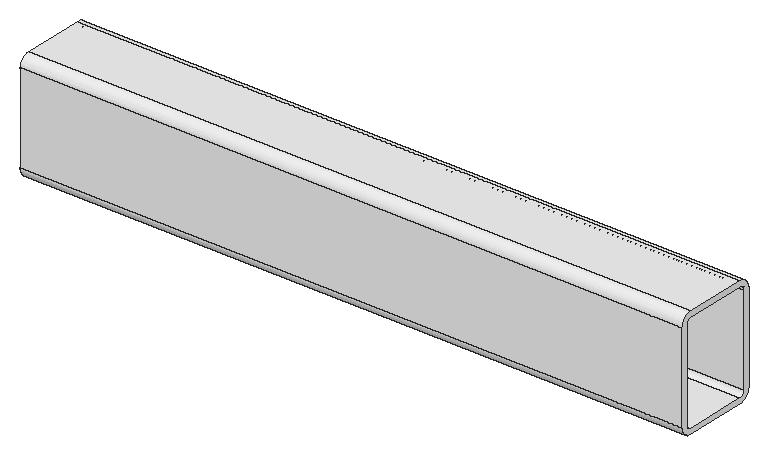
Revit family "M_HSS Retangular", category Quadro estrutural, Revit 2019
Family settings
  Arredondamento do comprimento do framing estrutural = 0.10 mm
  Forma do corte = HSS retangular
  Material para o comportamento do modelo = Aço
  Exportar sempre como geometria = Não
  Family Name Key = M_HSS Rectangular
  Nome do código = AISC 14.1
  Número OmniClass = 23.25.30.11.14.14
  Título OmniClass = Beams
  ID de item do Seek = HSS Rectangular-0000-CAN-ENU
  Sempre na vertical = Sim
  Corte com vazios quando carregada = Não
  Representação simbólica = Das configurações de projeto
  Compartilhado = Não
  Exibir o pré-corte da família na vista da planta = Sim
Parameters (values of type "HSS203.2X152.4X9.5")
  Largura = 152.00 mm
  Espessura nominal da parede = 9.53 mm
  Espessura da parede do projeto = 8.86 mm
  Momento de inércia de torção = 41600000.00 mm4
  Módulo de torção = 492000.0 mm³
  Structural Material [instance] = Aço, 45-345
  Section Name Key = ""
  Section Area = 5790.0 mm²
  Plastic Modulus weak axis = 324000.0 mm³
  Plastic Modulus strong axis = 395000.0 mm³
  Outer Fillet = 19.06 mm
  Nominal Weight = 474.64 N/m
  Moment of Inertia weak axis = 2110 cm⁴
  Moment of Inertia strong axis = 3290 cm⁴
  Length [instance] = 1500.00 mm
  Inner Fillet = 9.53 mm
  Height = 203.00 mm
  Elastic Modulus weak axis = 277000.0 mm³
  Elastic Modulus strong axis = 324000.0 mm³
  Centroid Vertical = Height / 2  # 101.5 mm
  Centroid Horizontal = Largura / 2  # 76 mm
Values of the unnamed type that differ from the named types
  Momento de inércia de torção = 4160 cm⁴
Reference planes
  plane 1 "Centro (Frente/Trás)": y = 0
  plane 2: z = 0
  plane 3 "Centro (Esquerda/Direita)": x = 4.61
  plane 4 "Membro esquerdo": x = -604.99
  plane 5 "Membro direito": x = 614.21
  plane 6: y = 76
  plane 7: y = -76
  plane 8 "Esquerda": x = -757.39
  plane 9 "Direita": x = 742.61
  plane 10: z = 101.5
  plane 11: z = -101.5
Forms (mm)
  Sweep 1, solid, material "Aço, 45-345" <- "Structural Material", detail levels medium
    path origin (0, 0, 0) x (1, 0, 0) y (0, 1, 0)
      loop
        line (614.21, 0) -> (-604.99, 0)
    profile "M_Vazado-Estrutural-Corte-Perfil-Médio : M_Vazado-Estrutural-Corte-Perfil-Médio" origin (4.61, 0, 0) x (0, -1, 0) y (0, 0, 1)
      loop
        line (-66.47, 91.97) -> (-66.47, -91.97) -> (66.47, -91.97) -> (66.47, 91.97) -> (-66.47, 91.97)
      loop
        line (-76, -101.5) -> (76, -101.5) -> (76, 101.5) -> (-76, 101.5) -> (-76, -101.5)
  Sweep 2, solid, material "Aço, 45-345" <- "Structural Material", detail levels fine
    path origin (0, 0, 0) x (1, 0, 0) y (0, 1, 0)
      loop
        line (-604.99, 0) -> (614.21, 0)
    profile "M_Vazado-Estrutural-Corte-Perfil-Alto : M_Vazado-Estrutural-Corte-Perfil-Alto" origin (4.61, 0, 0) x (0, 1, 0) y (0, 0, 1)
      loop
        arc (-56.94, 91.97) -> (-63.679, 89.179) -> (-66.47, 82.44) r 9.53
        line (-66.47, 82.44) -> (-66.47, -82.44)
        arc (-66.47, -82.44) -> (-63.679, -89.179) -> (-56.94, -91.97) r 9.53
        line (-56.94, -91.97) -> (56.94, -91.97)
        arc (56.94, -91.97) -> (63.679, -89.179) -> (66.47, -82.44) r 9.53
        line (66.47, -82.44) -> (66.47, 82.44)
        arc (66.47, 82.44) -> (63.679, 89.179) -> (56.94, 91.97) r 9.53
        line (56.94, 91.97) -> (-56.94, 91.97)
      loop
        arc (-76, -82.44) -> (-70.417, -95.917) -> (-56.94, -101.5) r 19.06
        line (-56.94, -101.5) -> (56.94, -101.5)
        arc (56.94, -101.5) -> (70.417, -95.917) -> (76, -82.44) r 19.06
        line (76, -82.44) -> (76, 82.44)
        arc (76, 82.44) -> (70.417, 95.917) -> (56.94, 101.5) r 19.06
        line (56.94, 101.5) -> (-56.94, 101.5)
        arc (-56.94, 101.5) -> (-70.417, 95.917) -> (-76, 82.44) r 19.06
        line (-76, 82.44) -> (-76, -82.44)
Lines and regions (mm)
  symbolic lines, style "Faces ocultas", detail levels medium+fine
    curve 1: line (614.21, -66.47, 0) -> (-604.99, -66.47, 0)
    curve 2: line (614.21, 66.47, 0) -> (-604.99, 66.47, 0)
    curve 3: line (-604.99, 0, 91.97) -> (614.21, 0, 91.97)
    curve 4: line (-604.99, 0, -91.97) -> (614.21, 0, -91.97)
  symbolic lines, style "Símbolos de vara", detail levels coarse
    curve 5: line (4.61, 76, 101.5) -> (4.61, -76, 101.5)
    curve 6: line (4.61, -76, 101.5) -> (4.61, -76, -101.5)
    curve 7: line (4.61, -76, -101.5) -> (4.61, 76, -101.5)
    curve 8: line (4.61, 76, -101.5) -> (4.61, 76, 101.5)
Dimensions and locks
  "Largura": plane 6 to plane 7
  equal spacing: plane 6, plane 1 "Centro (Frente/Trás)", plane 7
  "Espessura nominal da parede": plane 6 to curve 2
  "Espessura nominal da parede": curve 1 to plane 7
  "Length": plane 8 "Esquerda" to plane 9 "Direita"
  equal spacing: plane 10, level, plane 11
  "Height": plane 10 to plane 11
  aligned and locked: plane 4 "Membro esquerdo" to curve 3
  aligned and locked: plane 5 "Membro direito" to curve 3
  aligned and locked: plane 4 "Membro esquerdo" to curve 4
  aligned and locked: plane 5 "Membro direito" to curve 4
  aligned and locked: Sweep 1 sketch curve to plane 1 "Centro (Frente/Trás)"
  aligned and locked: curve 5 to Sweep 1
  aligned and locked: curve 6 to Sweep 1
  aligned and locked: curve 7 to Sweep 1
  aligned and locked: curve 8 to Sweep 1
  aligned and locked: plane 4 "Membro esquerdo" to Sweep 1 sketch curve
  aligned and locked: plane 5 "Membro direito" to Sweep 1 sketch curve
  aligned and locked: plane 4 "Membro esquerdo" to curve 1
  aligned and locked: plane 4 "Membro esquerdo" to curve 2
  aligned and locked: plane 5 "Membro direito" to curve 1
  aligned and locked: plane 5 "Membro direito" to curve 2
  aligned and locked: plane 5 "Membro direito" to Sweep 2 sketch curve
  aligned and locked: plane 1 "Centro (Frente/Trás)" to Sweep 2 sketch curve
  aligned and locked: plane 4 "Membro esquerdo" to Sweep 2 sketch curve
  aligned and locked: plane 2 to level
  aligned and locked: curve 3 to Sweep 1
  aligned and locked: curve 4 to Sweep 1
Types in the file's own list only (275): name | Largura | Espessura nominal da parede | Espessura da parede do projeto | Momento de inércia de torção | Módulo de torção | Chave do nome do corte | Área de corte | Eixo fraco do módulo plástico | Eixo forte do módulo plástico | Concordância externa | Peso nominal | Eixo fraco do momento de inércia | Eixo forte do momento de inércia | Concordância interna | Altura | Eixo fraco do módulo de elasticidade | Eixo forte do módulo de elasticidade | Centróide vertical | Centróide horizontal
  HSS508X304.8X15.9 | 305.00 mm | 15.90 mm | 14.80 mm | 787000000.00 mm4 | 68989539440.0 mm³ | HSS 20X12X5/8 | 22600.0 mm² | 2650000.0 mm³ | 3770000.0 mm³ | 31.80 mm | 189.00 kgf/m | 354000000.00 mm4 | 783000000.00 mm4 | 15.90 mm | 508.00 mm | 2330000.0 mm³ | 3080000.0 mm³ | 254.00 mm | 152.50 mm
  HSS508X304.8X12.7 | 305.00 mm | 12.70 mm | 11.80 mm | 641000000.00 mm4 | 56043758880.0 mm³ | HSS 20X12X1/2 | 18300.0 mm² | 2160000.0 mm³ | 3080000.0 mm³ | 25.40 mm | 153.00 kgf/m | 293000000.00 mm4 | 645000000.00 mm4 | 12.70 mm | 508.00 mm | 1920000.0 mm³ | 2540000.0 mm³ | 254.00 mm | 152.50 mm
  HSS508X304.8X9.5 | 305.00 mm | 9.53 mm | 8.86 mm | 491000000.00 mm4 | 42934107680.0 mm³ | HSS 20X12X3/8 | 13900.0 mm² | 1670000.0 mm³ | 2360000.0 mm³ | 19.06 mm | 117.00 kgf/m | 228000000.00 mm4 | 499000000.00 mm4 | 9.53 mm | 508.00 mm | 1490000.0 mm³ | 1970000.0 mm³ | 254.00 mm | 152.50 mm
  HSS508X304.8X7.9 | 305.00 mm | 7.94 mm | 7.39 mm | 415000000.00 mm4 | 36051540800.0 mm³ | HSS 20X12X5/16 | 11700.0 mm² | 1410000.0 mm³ | 2000000.0 mm³ | 15.88 mm | 97.90 kgf/m | 193000000.00 mm4 | 420000000.00 mm4 | 7.94 mm | 508.00 mm | 1270000.0 mm³ | 1660000.0 mm³ | 254.00 mm | 152.50 mm
  HSS508X203.2X15.9 | 203.00 mm | 15.90 mm | 14.80 mm | 381000000.00 mm4 | 44900555360.0 mm³ | HSS 20X8X5/8 | 19500.0 mm² | 1580000.0 mm³ | 3030000.0 mm³ | 31.80 mm | 164.00 kgf/m | 141000000.00 mm4 | 599000000.00 mm4 | 15.90 mm | 508.00 mm | 1390000.0 mm³ | 2360000.0 mm³ | 254.00 mm | 101.50 mm
  HSS508X203.2X12.7 | 203.00 mm | 12.70 mm | 11.80 mm | 315000000.00 mm4 | 36870894000.0 mm³ | HSS 20X8X1/2 | 15900.0 mm² | 1300000.0 mm³ | 2490000.0 mm³ | 25.40 mm | 133.00 kgf/m | 118000000.00 mm4 | 495000000.00 mm4 | 12.70 mm | 508.00 mm | 1160000.0 mm³ | 1950000.0 mm³ | 254.00 mm | 101.50 mm
  HSS508X203.2X9.5 | 203.00 mm | 9.53 mm | 8.86 mm | 244000000.00 mm4 | 28185750080.0 mm³ | HSS 20X8X3/8 | 12100.0 mm² | 1010000.0 mm³ | 1920000.0 mm³ | 19.06 mm | 102.00 kgf/m | 92400000.00 mm4 | 385000000.00 mm4 | 9.53 mm | 508.00 mm | 911000.0 mm³ | 1520000.0 mm³ | 254.00 mm | 101.50 mm
  HSS508X203.2X7.9 | 203.00 mm | 7.94 mm | 7.39 mm | 206000000.00 mm4 | 23761242800.0 mm³ | HSS 20X8X5/16 | 10100.0 mm² | 852000.0 mm³ | 1620000.0 mm³ | 15.88 mm | 85.30 kgf/m | 78700000.00 mm4 | 327000000.00 mm4 | 7.94 mm | 508.00 mm | 777000.0 mm³ | 1290000.0 mm³ | 254.00 mm | 101.50 mm
  HSS508X101.6X12.7 | 102.00 mm | 12.70 mm | 11.80 mm | 81200000.00 mm4 | 17206417200.0 mm³ | HSS 20X4X1/2 | 13500.0 mm² | 557000.0 mm³ | 1880000.0 mm³ | 25.40 mm | 113.00 kgf/m | 24400000.00 mm4 | 349000000.00 mm4 | 12.70 mm | 508.00 mm | 480000.0 mm³ | 1370000.0 mm³ | 254.00 mm | 51.00 mm
  HSS508X101.6X9.5 | 102.00 mm | 9.53 mm | 8.86 mm | 64900000.00 mm4 | 13404618352.0 mm³ | HSS 20X4X3/8 | 10300.0 mm² | 439000.0 mm³ | 1460000.0 mm³ | 19.06 mm | 86.40 kgf/m | 19800000.00 mm4 | 273000000.00 mm4 | 9.53 mm | 508.00 mm | 390000.0 mm³ | 1080000.0 mm³ | 254.00 mm | 51.00 mm
  HSS508X101.6X7.9 | 102.00 mm | 7.94 mm | 7.39 mm | 55800000.00 mm4 | 11389009480.0 mm³ | HSS 20X4X5/16 | 8650.0 mm² | 375000.0 mm³ | 1240000.0 mm³ | 15.88 mm | 72.70 kgf/m | 17100000.00 mm4 | 233000000.00 mm4 | 7.94 mm | 508.00 mm | 338000.0 mm³ | 918000.0 mm³ | 254.00 mm | 51.00 mm
  HSS508X101.6X6.4 | 102.00 mm | 6.35 mm | 5.92 mm | 46200000.00 mm4 | 9324239416.0 mm³ | HSS 20X4X1/4 | 6970.0 mm² | 306000.0 mm³ | 1010000.0 mm³ | 12.70 mm | 58.70 kgf/m | 14300000.00 mm4 | 191000000.00 mm4 | 6.35 mm | 508.00 mm | 280000.0 mm³ | 751000.0 mm³ | 254.00 mm | 51.00 mm
  HSS457.2X152.4X15.9 | 152.00 mm | 15.90 mm | 14.80 mm | 192000000.00 mm4 | 29332844560.0 mm³ | HSS 18X6X5/8 | 16600.0 mm² | 1000000.0 mm³ | 2210000.0 mm³ | 31.80 mm | 139.00 kgf/m | 65800000.00 mm4 | 384000000.00 mm4 | 15.90 mm | 457.00 mm | 864000.0 mm³ | 1690000.0 mm³ | 228.50 mm | 76.00 mm
  HSS457.2X152.4X12.7 | 152.00 mm | 12.70 mm | 11.80 mm | 161000000.00 mm4 | 24088984080.0 mm³ | HSS 18X6X1/2 | 13500.0 mm² | 831000.0 mm³ | 1840000.0 mm³ | 25.40 mm | 113.00 kgf/m | 55800000.00 mm4 | 320000000.00 mm4 | 12.70 mm | 457.00 mm | 731000.0 mm³ | 1400000.0 mm³ | 228.50 mm | 76.00 mm
  HSS457.2X152.4X9.5 | 152.00 mm | 9.53 mm | 8.86 mm | 126000000.00 mm4 | 18681252960.0 mm³ | HSS 18X6X3/8 | 10300.0 mm² | 647000.0 mm³ | 1420000.0 mm³ | 19.06 mm | 86.40 kgf/m | 44100000.00 mm4 | 251000000.00 mm4 | 9.53 mm | 457.00 mm | 582000.0 mm³ | 1100000.0 mm³ | 228.50 mm | 76.00 mm
  HSS457.2X152.4X7.9 | 152.00 mm | 7.94 mm | 7.39 mm | 107000000.00 mm4 | 15764355568.0 mm³ | HSS 18X6X5/16 | 8650.0 mm² | 549000.0 mm³ | 1200000.0 mm³ | 15.88 mm | 72.70 kgf/m | 38000000.00 mm4 | 214000000.00 mm4 | 7.94 mm | 457.00 mm | 498000.0 mm³ | 934000.0 mm³ | 228.50 mm | 76.00 mm
  HSS457.2X152.4X6.4 | 152.00 mm | 6.35 mm | 5.92 mm | 87400000.00 mm4 | 12814684048.0 mm³ | HSS 18X6X1/4 | 6970.0 mm² | 447000.0 mm³ | 973000.0 mm³ | 12.70 mm | 58.70 kgf/m | 31300000.00 mm4 | 174000000.00 mm4 | 6.35 mm | 457.00 mm | 410000.0 mm³ | 762000.0 mm³ | 228.50 mm | 76.00 mm
  HSS406.4X304.8X15.9 | 305.00 mm | 15.90 mm | 14.80 mm | 570000000.00 mm4 | 54732793760.0 mm³ | HSS 16X12X5/8 | 19500.0 mm² | 2210000.0 mm³ | 2700000.0 mm³ | 31.80 mm | 164.00 kgf/m | 291000000.00 mm4 | 454000000.00 mm4 | 15.90 mm | 406.00 mm | 1920000.0 mm³ | 2230000.0 mm³ | 203.00 mm | 152.50 mm
  HSS406.4X304.8X12.7 | 305.00 mm | 12.70 mm | 11.80 mm | 466000000.00 mm4 | 44572814080.0 mm³ | HSS 16X12X1/2 | 15900.0 mm² | 1820000.0 mm³ | 2210000.0 mm³ | 25.40 mm | 133.00 kgf/m | 242000000.00 mm4 | 376000000.00 mm4 | 12.70 mm | 406.00 mm | 1590000.0 mm³ | 1850000.0 mm³ | 203.00 mm | 152.50 mm
  HSS406.4X304.8X9.5 | 305.00 mm | 9.53 mm | 8.86 mm | 359000000.00 mm4 | 34085093120.0 mm³ | HSS 16X12X3/8 | 12100.0 mm² | 1400000.0 mm³ | 1700000.0 mm³ | 19.06 mm | 102.00 kgf/m | 188000000.00 mm4 | 292000000.00 mm4 | 9.53 mm | 406.00 mm | 1230000.0 mm³ | 1440000.0 mm³ | 203.00 mm | 152.50 mm
  HSS406.4X304.8X7.9 | 305.00 mm | 7.94 mm | 7.39 mm | 303000000.00 mm4 | 28677362000.0 mm³ | HSS 16X12X5/16 | 10100.0 mm² | 1180000.0 mm³ | 1440000.0 mm³ | 15.88 mm | 85.40 kgf/m | 160000000.00 mm4 | 248000000.00 mm4 | 7.94 mm | 406.00 mm | 1050000.0 mm³ | 1220000.0 mm³ | 203.00 mm | 152.50 mm
  HSS406.4X203.2X15.9 | 203.00 mm | 15.90 mm | 14.80 mm | 283000000.00 mm4 | 35396058240.0 mm³ | HSS 16X8X5/8 | 16600.0 mm² | 1300000.0 mm³ | 2110000.0 mm³ | 31.80 mm | 139.00 kgf/m | 114000000.00 mm4 | 339000000.00 mm4 | 15.90 mm | 406.00 mm | 1120000.0 mm³ | 1670000.0 mm³ | 203.00 mm | 101.50 mm
  HSS406.4X203.2X12.7 | 203.00 mm | 12.70 mm | 11.80 mm | 234000000.00 mm4 | 29005103280.0 mm³ | HSS 16X8X1/2 | 13500.0 mm² | 1070000.0 mm³ | 1740000.0 mm³ | 25.40 mm | 113.00 kgf/m | 95700000.00 mm4 | 283000000.00 mm4 | 12.70 mm | 406.00 mm | 944000.0 mm³ | 1390000.0 mm³ | 203.00 mm | 101.50 mm
  HSS406.4X203.2X9.5 | 203.00 mm | 9.53 mm | 8.86 mm | 181000000.00 mm4 | 22450277680.0 mm³ | HSS 16X8X3/8 | 10300.0 mm² | 832000.0 mm³ | 1350000.0 mm³ | 19.06 mm | 86.40 kgf/m | 75300000.00 mm4 | 221000000.00 mm4 | 9.53 mm | 406.00 mm | 742000.0 mm³ | 1090000.0 mm³ | 203.00 mm | 101.50 mm
  HSS406.4X203.2X7.9 | 203.00 mm | 7.94 mm | 7.39 mm | 154000000.00 mm4 | 18845123600.0 mm³ | HSS 16X8X5/16 | 8650.0 mm² | 705000.0 mm³ | 1140000.0 mm³ | 15.88 mm | 72.70 kgf/m | 64500000.00 mm4 | 188000000.00 mm4 | 7.94 mm | 406.00 mm | 634000.0 mm³ | 924000.0 mm³ | 203.00 mm | 101.50 mm
  HSS406.4X203.2X6.4 | 203.00 mm | 6.35 mm | 5.92 mm | 125000000.00 mm4 | 15305517776.0 mm³ | HSS 16X8X1/4 | 6970.0 mm² | 574000.0 mm³ | 924000.0 mm³ | 12.70 mm | 58.70 kgf/m | 52900000.00 mm4 | 153000000.00 mm4 | 6.35 mm | 406.00 mm | 519000.0 mm³ | 755000.0 mm³ | 203.00 mm | 101.50 mm
  HSS406.4X101.6X15.9 | 102.00 mm | 15.90 mm | 14.80 mm | 72400000.00 mm4 | 16239580424.0 mm³ | HSS 16X4X5/8 | 13500.0 mm² | 533000.0 mm³ | 1520000.0 mm³ | 31.80 mm | 113.00 kgf/m | 22500000.00 mm4 | 224000000.00 mm4 | 15.90 mm | 406.00 mm | 442000.0 mm³ | 1100000.0 mm³ | 203.00 mm | 51.00 mm
  HSS406.4X101.6X12.7 | 102.00 mm | 12.70 mm | 11.80 mm | 62400000.00 mm4 | 13617650184.0 mm³ | HSS 16X4X1/2 | 11100.0 mm² | 449000.0 mm³ | 1270000.0 mm³ | 25.40 mm | 92.70 kgf/m | 19600000.00 mm4 | 189000000.00 mm4 | 12.70 mm | 406.00 mm | 385000.0 mm³ | 932000.0 mm³ | 203.00 mm | 51.00 mm
  HSS406.4X101.6X9.5 | 102.00 mm | 9.53 mm | 8.86 mm | 49900000.00 mm4 | 10667978664.0 mm³ | HSS 16X4X3/8 | 8520.0 mm² | 356000.0 mm³ | 987000.0 mm³ | 19.06 mm | 71.20 kgf/m | 15900000.00 mm4 | 150000000.00 mm4 | 9.53 mm | 406.00 mm | 313000.0 mm³ | 737000.0 mm³ | 203.00 mm | 51.00 mm
  HSS406.4X101.6X7.9 | 102.00 mm | 7.94 mm | 7.39 mm | 42900000.00 mm4 | 9078433456.0 mm³ | HSS 16X4X5/16 | 7160.0 mm² | 303000.0 mm³ | 837000.0 mm³ | 15.88 mm | 60.00 kgf/m | 13800000.00 mm4 | 128000000.00 mm4 | 7.94 mm | 406.00 mm | 272000.0 mm³ | 631000.0 mm³ | 203.00 mm | 51.00 mm
  HSS406.4X101.6X6.4 | 102.00 mm | 6.35 mm | 5.92 mm | 35500000.00 mm4 | 7406952928.0 mm³ | HSS 16X4X1/4 | 5780.0 mm² | 249000.0 mm³ | 683000.0 mm³ | 12.70 mm | 48.60 kgf/m | 11500000.00 mm4 | 105000000.00 mm4 | 6.35 mm | 406.00 mm | 226000.0 mm³ | 518000.0 mm³ | 203.00 mm | 51.00 mm
  HSS406.4X101.6X4.8 | 102.00 mm | 4.76 mm | 4.42 mm | 27300000.00 mm4 | 5669924144.0 mm³ | HSS 16X4X3/16 | 4360.0 mm² | 192000.0 mm³ | 519000.0 mm³ | 9.52 mm | 36.70 kgf/m | 8950000.00 mm4 | 80300000.00 mm4 | 4.76 mm | 406.00 mm | 177000.0 mm³ | 397000.0 mm³ | 203.00 mm | 51.00 mm
  HSS355.6X254X15.9 | 254.00 mm | 15.90 mm | 14.80 mm | 346000000.00 mm4 | 39165082960.0 mm³ | HSS 14X10X5/8 | 16600.0 mm² | 1560000.0 mm³ | 1970000.0 mm³ | 31.80 mm | 139.00 kgf/m | 169000000.00 mm4 | 286000000.00 mm4 | 15.90 mm | 356.00 mm | 1340000.0 mm³ | 1610000.0 mm³ | 178.00 mm | 127.00 mm
  HSS355.6X254X12.7 | 254.00 mm | 12.70 mm | 11.80 mm | 285000000.00 mm4 | 32282516080.0 mm³ | HSS 14X10X1/2 | 13500.0 mm² | 1290000.0 mm³ | 1620000.0 mm³ | 25.40 mm | 113.00 kgf/m | 142000000.00 mm4 | 239000000.00 mm4 | 12.70 mm | 356.00 mm | 1120000.0 mm³ | 1340000.0 mm³ | 178.00 mm | 127.00 mm
  HSS355.6X254X9.5 | 254.00 mm | 9.53 mm | 8.86 mm | 220000000.00 mm4 | 24580596000.0 mm³ | HSS 14X10X3/8 | 10300.0 mm² | 995000.0 mm³ | 1250000.0 mm³ | 19.06 mm | 86.40 kgf/m | 111000000.00 mm4 | 186000000.00 mm4 | 9.53 mm | 356.00 mm | 875000.0 mm³ | 1050000.0 mm³ | 178.00 mm | 127.00 mm
  HSS355.6X254X7.9 | 254.00 mm | 7.94 mm | 7.39 mm | 186000000.00 mm4 | 20811571280.0 mm³ | HSS 14X10X5/16 | 8650.0 mm² | 842000.0 mm³ | 1060000.0 mm³ | 15.88 mm | 72.70 kgf/m | 94500000.00 mm4 | 158000000.00 mm4 | 7.94 mm | 356.00 mm | 746000.0 mm³ | 890000.0 mm³ | 178.00 mm | 127.00 mm
  HSS355.6X254X6.4 | 254.00 mm | 6.35 mm | 5.92 mm | 151000000.00 mm4 | 16878675920.0 mm³ | HSS 14X10X1/4 | 6970.0 mm² | 685000.0 mm³ | 859000.0 mm³ | 12.70 mm | 58.70 kgf/m | 77400000.00 mm4 | 129000000.00 mm4 | 6.35 mm | 356.00 mm | 610000.0 mm³ | 726000.0 mm³ | 178.00 mm | 127.00 mm
  HSS355.6X152.4X15.9 | 152.00 mm | 15.90 mm | 14.80 mm | 139000000.00 mm4 | 22450277680.0 mm³ | HSS 14X6X5/8 | 13500.0 mm² | 793000.0 mm³ | 1450000.0 mm³ | 31.80 mm | 113.00 kgf/m | 51600000.00 mm4 | 199000000.00 mm4 | 15.90 mm | 356.00 mm | 675000.0 mm³ | 1120000.0 mm³ | 178.00 mm | 76.00 mm
  HSS355.6X152.4X12.7 | 152.00 mm | 12.70 mm | 11.80 mm | 116000000.00 mm4 | 18681252960.0 mm³ | HSS 14X6X1/2 | 11100.0 mm² | 662000.0 mm³ | 1210000.0 mm³ | 25.40 mm | 92.70 kgf/m | 43700000.00 mm4 | 167000000.00 mm4 | 12.70 mm | 356.00 mm | 575000.0 mm³ | 941000.0 mm³ | 178.00 mm | 76.00 mm
  HSS355.6X152.4X9.5 | 152.00 mm | 9.53 mm | 8.86 mm | 91200000.00 mm4 | 14420616320.0 mm³ | HSS 14X6X3/8 | 8520.0 mm² | 518000.0 mm³ | 939000.0 mm³ | 19.06 mm | 71.20 kgf/m | 35000000.00 mm4 | 132000000.00 mm4 | 9.53 mm | 356.00 mm | 459000.0 mm³ | 742000.0 mm³ | 178.00 mm | 76.00 mm
  HSS355.6X152.4X7.9 | 152.00 mm | 7.94 mm | 7.39 mm | 77400000.00 mm4 | 12224749744.0 mm³ | HSS 14X6X5/16 | 7160.0 mm² | 441000.0 mm³ | 796000.0 mm³ | 15.88 mm | 60.00 kgf/m | 30100000.00 mm4 | 113000000.00 mm4 | 7.94 mm | 356.00 mm | 395000.0 mm³ | 634000.0 mm³ | 178.00 mm | 76.00 mm
  HSS355.6X152.4X6.4 | 152.00 mm | 6.35 mm | 5.92 mm | 63300000.00 mm4 | 9914173720.0 mm³ | HSS 14X6X1/4 | 5780.0 mm² | 361000.0 mm³ | 649000.0 mm³ | 12.70 mm | 48.60 kgf/m | 24800000.00 mm4 | 92400000.00 mm4 | 6.35 mm | 356.00 mm | 326000.0 mm³ | 519000.0 mm³ | 178.00 mm | 76.00 mm
  HSS355.6X152.4X4.8 | 152.00 mm | 4.76 mm | 4.42 mm | 48300000.00 mm4 | 7521662376.0 mm³ | HSS 14X6X3/16 | 4360.0 mm² | 274000.0 mm³ | 493000.0 mm³ | 9.52 mm | 36.70 kgf/m | 19100000.00 mm4 | 70800000.00 mm4 | 4.76 mm | 356.00 mm | 251000.0 mm³ | 398000.0 mm³ | 178.00 mm | 76.00 mm
  HSS355.6X101.6X15.9 | 102.00 mm | 15.90 mm | 14.80 mm | 61600000.00 mm4 | 14125649168.0 mm³ | HSS 14X4X5/8 | 12100.0 mm² | 467000.0 mm³ | 1200000.0 mm³ | 31.80 mm | 101.00 kgf/m | 19600000.00 mm4 | 155000000.00 mm4 | 15.90 mm | 356.00 mm | 387000.0 mm³ | 873000.0 mm³ | 178.00 mm | 51.00 mm
  HSS355.6X101.6X12.7 | 102.00 mm | 12.70 mm | 11.80 mm | 52900000.00 mm4 | 11847847272.0 mm³ | HSS 14X4X1/2 | 9870.0 mm² | 395000.0 mm³ | 1000000.0 mm³ | 25.40 mm | 82.60 kgf/m | 17100000.00 mm4 | 132000000.00 mm4 | 12.70 mm | 356.00 mm | 338000.0 mm³ | 742000.0 mm³ | 178.00 mm | 51.00 mm
  HSS355.6X101.6X9.5 | 102.00 mm | 9.53 mm | 8.86 mm | 42500000.00 mm4 | 9291465288.0 mm³ | HSS 14X4X3/8 | 7610.0 mm² | 313000.0 mm³ | 783000.0 mm³ | 19.06 mm | 63.60 kgf/m | 14000000.00 mm4 | 105000000.00 mm4 | 9.53 mm | 356.00 mm | 275000.0 mm³ | 590000.0 mm³ | 178.00 mm | 51.00 mm
  HSS355.6X101.6X7.9 | 102.00 mm | 7.94 mm | 7.39 mm | 36500000.00 mm4 | 7914951912.0 mm³ | HSS 14X4X5/16 | 6400.0 mm² | 269000.0 mm³ | 665000.0 mm³ | 15.88 mm | 53.70 kgf/m | 12200000.00 mm4 | 89900000.00 mm4 | 7.94 mm | 356.00 mm | 239000.0 mm³ | 506000.0 mm³ | 178.00 mm | 51.00 mm
  HSS355.6X101.6X6.4 | 102.00 mm | 6.35 mm | 5.92 mm | 30100000.00 mm4 | 6472890280.0 mm³ | HSS 14X4X1/4 | 5180.0 mm² | 221000.0 mm³ | 544000.0 mm³ | 12.70 mm | 43.50 kgf/m | 10200000.00 mm4 | 74100000.00 mm4 | 6.35 mm | 356.00 mm | 200000.0 mm³ | 416000.0 mm³ | 178.00 mm | 51.00 mm
  HSS355.6X101.6X4.8 | 102.00 mm | 4.76 mm | 4.42 mm | 23200000.00 mm4 | 4948893328.0 mm³ | HSS 14X4X3/16 | 3910.0 mm² | 169000.0 mm³ | 415000.0 mm³ | 9.52 mm | 32.90 kgf/m | 7910000.00 mm4 | 57000000.00 mm4 | 4.76 mm | 356.00 mm | 155000.0 mm³ | 320000.0 mm³ | 178.00 mm | 51.00 mm
  HSS304.8X254X12.7 | 254.00 mm | 12.70 mm | 11.80 mm | 227000000.00 mm4 | 27366396880.0 mm³ | HSS 12X10X1/2 | 12300.0 mm² | 1140000.0 mm³ | 1290000.0 mm³ | 25.40 mm | 103.00 kgf/m | 124000000.00 mm4 | 164000000.00 mm4 | 12.70 mm | 305.00 mm | 978000.0 mm³ | 1080000.0 mm³ | 152.50 mm | 127.00 mm
  HSS304.8X254X9.5 | 254.00 mm | 9.53 mm | 8.86 mm | 175000000.00 mm4 | 20975441920.0 mm³ | HSS 12X10X3/8 | 9420.0 mm² | 885000.0 mm³ | 1000000.0 mm³ | 19.06 mm | 78.80 kgf/m | 97400000.00 mm4 | 129000000.00 mm4 | 9.53 mm | 305.00 mm | 769000.0 mm³ | 846000.0 mm³ | 152.50 mm | 127.00 mm
  HSS304.8X254X7.9 | 254.00 mm | 7.94 mm | 7.39 mm | 148000000.00 mm4 | 17698029120.0 mm³ | HSS 12X10X5/16 | 7870.0 mm² | 749000.0 mm³ | 847000.0 mm³ | 15.88 mm | 66.40 kgf/m | 83200000.00 mm4 | 110000000.00 mm4 | 7.94 mm | 305.00 mm | 655000.0 mm³ | 721000.0 mm³ | 152.50 mm | 127.00 mm
  HSS304.8X254X6.4 | 254.00 mm | 6.35 mm | 5.92 mm | 120000000.00 mm4 | 14371455128.0 mm³ | HSS 12X10X1/4 | 6390.0 mm² | 610000.0 mm³ | 690000.0 mm³ | 12.70 mm | 53.60 kgf/m | 68300000.00 mm4 | 89900000.00 mm4 | 6.35 mm | 305.00 mm | 536000.0 mm³ | 590000.0 mm³ | 152.50 mm | 127.00 mm
  HSS304.8X203.2X15.9 | 203.00 mm | 15.90 mm | 14.80 mm | 189000000.00 mm4 | 26219302400.0 mm³ | HSS 12X8X5/8 | 13500.0 mm² | 1010000.0 mm³ | 1350000.0 mm³ | 31.80 mm | 113.00 kgf/m | 87400000.00 mm4 | 165000000.00 mm4 | 15.90 mm | 305.00 mm | 860000.0 mm³ | 1080000.0 mm³ | 152.50 mm | 101.50 mm
  HSS304.8X203.2X12.7 | 203.00 mm | 12.70 mm | 11.80 mm | 157000000.00 mm4 | 21630924480.0 mm³ | HSS 12X8X1/2 | 11100.0 mm² | 844000.0 mm³ | 1120000.0 mm³ | 25.40 mm | 92.70 kgf/m | 74100000.00 mm4 | 139000000.00 mm4 | 12.70 mm | 305.00 mm | 728000.0 mm³ | 911000.0 mm³ | 152.50 mm | 101.50 mm
  HSS304.8X203.2X9.5 | 203.00 mm | 9.53 mm | 8.86 mm | 122000000.00 mm4 | 16714805280.0 mm³ | HSS 12X8X3/8 | 8520.0 mm² | 657000.0 mm³ | 869000.0 mm³ | 19.06 mm | 71.20 kgf/m | 58300000.00 mm4 | 109000000.00 mm4 | 9.53 mm | 305.00 mm | 575000.0 mm³ | 716000.0 mm³ | 152.50 mm | 101.50 mm
  HSS304.8X203.2X7.9 | 203.00 mm | 7.94 mm | 7.39 mm | 103000000.00 mm4 | 14076487976.0 mm³ | HSS 12X8X5/16 | 7160.0 mm² | 559000.0 mm³ | 736000.0 mm³ | 15.88 mm | 60.10 kgf/m | 49900000.00 mm4 | 93200000.00 mm4 | 7.94 mm | 305.00 mm | 493000.0 mm³ | 613000.0 mm³ | 152.50 mm | 101.50 mm
  HSS304.8X203.2X6.4 | 203.00 mm | 6.35 mm | 5.92 mm | 84100000.00 mm4 | 11405396544.0 mm³ | HSS 12X8X1/4 | 5780.0 mm² | 456000.0 mm³ | 600000.0 mm³ | 12.70 mm | 48.50 kgf/m | 41100000.00 mm4 | 76600000.00 mm4 | 6.35 mm | 305.00 mm | 405000.0 mm³ | 501000.0 mm³ | 152.50 mm | 101.50 mm
  HSS304.8X203.2X4.8 | 203.00 mm | 4.77 mm | 4.42 mm | 63700000.00 mm4 | 8652369792.0 mm³ | HSS 12X8X3/16 | 4360.0 mm² | 346000.0 mm³ | 456000.0 mm³ | 9.54 mm | 36.90 kgf/m | 31500000.00 mm4 | 58300000.00 mm4 | 4.77 mm | 305.00 mm | 310000.0 mm³ | 383000.0 mm³ | 152.50 mm | 101.50 mm
  HSS304.8X152.4X15.9 | 152.00 mm | 15.90 mm | 14.80 mm | 113000000.00 mm4 | 19172864880.0 mm³ | HSS 12X6X5/8 | 12100.0 mm² | 690000.0 mm³ | 1130000.0 mm³ | 31.80 mm | 101.00 kgf/m | 44500000.00 mm4 | 134000000.00 mm4 | 15.90 mm | 305.00 mm | 582000.0 mm³ | 875000.0 mm³ | 152.50 mm | 76.00 mm
  HSS304.8X152.4X12.7 | 152.00 mm | 12.70 mm | 11.80 mm | 94500000.00 mm4 | 15846290888.0 mm³ | HSS 12X6X1/2 | 9870.0 mm² | 577000.0 mm³ | 941000.0 mm³ | 25.40 mm | 82.60 kgf/m | 37900000.00 mm4 | 113000000.00 mm4 | 12.70 mm | 305.00 mm | 498000.0 mm³ | 741000.0 mm³ | 152.50 mm | 76.00 mm
  HSS304.8X152.4X9.5 | 152.00 mm | 9.53 mm | 8.86 mm | 74100000.00 mm4 | 12306685064.0 mm³ | HSS 12X6X3/8 | 7610.0 mm² | 454000.0 mm³ | 734000.0 mm³ | 19.06 mm | 63.60 kgf/m | 30300000.00 mm4 | 89500000.00 mm4 | 9.53 mm | 305.00 mm | 398000.0 mm³ | 588000.0 mm³ | 152.50 mm | 76.00 mm
  HSS304.8X152.4X7.9 | 152.00 mm | 7.94 mm | 7.39 mm | 63300000.00 mm4 | 10422172704.0 mm³ | HSS 12X6X5/16 | 6400.0 mm² | 387000.0 mm³ | 624000.0 mm³ | 15.88 mm | 53.70 kgf/m | 26100000.00 mm4 | 76600000.00 mm4 | 7.94 mm | 305.00 mm | 342000.0 mm³ | 503000.0 mm³ | 152.50 mm | 76.00 mm
  HSS304.8X152.4X6.4 | 152.00 mm | 6.35 mm | 5.92 mm | 51600000.00 mm4 | 8488499152.0 mm³ | HSS 12X6X1/4 | 5180.0 mm² | 316000.0 mm³ | 510000.0 mm³ | 12.70 mm | 43.40 kgf/m | 21600000.00 mm4 | 62900000.00 mm4 | 6.35 mm | 305.00 mm | 283000.0 mm³ | 413000.0 mm³ | 152.50 mm | 76.00 mm
  HSS304.8X152.4X4.8 | 152.00 mm | 4.76 mm | 4.42 mm | 39400000.00 mm4 | 6440116152.0 mm³ | HSS 12X6X3/16 | 3910.0 mm² | 241000.0 mm³ | 388000.0 mm³ | 9.52 mm | 33.10 kgf/m | 16600000.00 mm4 | 48300000.00 mm4 | 4.76 mm | 305.00 mm | 218000.0 mm³ | 318000.0 mm³ | 152.50 mm | 76.00 mm
  HSS304.8X101.6X15.9 | 102.00 mm | 15.90 mm | 14.80 mm | 50800000.00 mm4 | 11978943784.0 mm³ | HSS 12X4X5/8 | 10600.0 mm² | 401000.0 mm³ | 909000.0 mm³ | 31.80 mm | 88.00 kgf/m | 16800000.00 mm4 | 102000000.00 mm4 | 15.90 mm | 305.00 mm | 331000.0 mm³ | 669000.0 mm³ | 152.50 mm | 51.00 mm
  HSS304.8X101.6X12.7 | 102.00 mm | 12.70 mm | 11.80 mm | 43700000.00 mm4 | 10078044360.0 mm³ | HSS 12X4X1/2 | 8710.0 mm² | 342000.0 mm³ | 765000.0 mm³ | 25.40 mm | 72.50 kgf/m | 14700000.00 mm4 | 87400000.00 mm4 | 12.70 mm | 305.00 mm | 290000.0 mm³ | 572000.0 mm³ | 152.50 mm | 51.00 mm
  HSS304.8X101.6X9.5 | 102.00 mm | 9.53 mm | 8.86 mm | 35000000.00 mm4 | 7914951912.0 mm³ | HSS 12X4X3/8 | 6710.0 mm² | 272000.0 mm³ | 601000.0 mm³ | 19.06 mm | 56.00 kgf/m | 12000000.00 mm4 | 69900000.00 mm4 | 9.53 mm | 305.00 mm | 238000.0 mm³ | 459000.0 mm³ | 152.50 mm | 51.00 mm
  HSS304.8X101.6X7.9 | 102.00 mm | 7.94 mm | 7.39 mm | 30100000.00 mm4 | 6767857432.0 mm³ | HSS 12X4X5/16 | 5650.0 mm² | 233000.0 mm³ | 513000.0 mm³ | 15.88 mm | 47.40 kgf/m | 10500000.00 mm4 | 59900000.00 mm4 | 7.94 mm | 305.00 mm | 206000.0 mm³ | 395000.0 mm³ | 152.50 mm | 51.00 mm
  HSS304.8X101.6X6.4 | 102.00 mm | 6.35 mm | 5.92 mm | 24900000.00 mm4 | 5538827632.0 mm³ | HSS 12X4X1/4 | 4580.0 mm² | 192000.0 mm³ | 420000.0 mm³ | 12.70 mm | 38.40 kgf/m | 8740000.00 mm4 | 49500000.00 mm4 | 6.35 mm | 305.00 mm | 172000.0 mm³ | 326000.0 mm³ | 152.50 mm | 51.00 mm
  HSS304.8X101.6X4.8 | 102.00 mm | 4.76 mm | 4.42 mm | 19200000.00 mm4 | 4211475448.0 mm³ | HSS 12X4X3/16 | 3460.0 mm² | 147000.0 mm³ | 321000.0 mm³ | 9.52 mm | 29.30 kgf/m | 6830000.00 mm4 | 38200000.00 mm4 | 4.76 mm | 305.00 mm | 134000.0 mm³ | 251000.0 mm³ | 152.50 mm | 51.00 mm
  HSS304.8X88.9X9.5 | 88.90 mm | 9.53 mm | 8.86 mm | 26900000.00 mm4 | 6849792752.0 mm³ | HSS 12X3 1/2X3/8 | 6450.0 mm² | 229000.0 mm³ | 569000.0 mm³ | 19.06 mm | 54.10 kgf/m | 8870000.00 mm4 | 64900000.00 mm4 | 9.53 mm | 305.00 mm | 200000.0 mm³ | 426000.0 mm³ | 152.50 mm | 44.45 mm
  HSS304.8X88.9X7.9 | 88.90 mm | 7.94 mm | 7.39 mm | 23300000.00 mm4 | 5850181848.0 mm³ | HSS 12X3 1/2X5/16 | 5460.0 mm² | 198000.0 mm³ | 485000.0 mm³ | 15.88 mm | 45.80 kgf/m | 7740000.00 mm4 | 55800000.00 mm4 | 7.94 mm | 305.00 mm | 174000.0 mm³ | 367000.0 mm³ | 152.50 mm | 44.45 mm
  HSS304.8X76.2X7.9 | 76.20 mm | 7.94 mm | 7.39 mm | 17200000.00 mm4 | 4948893328.0 mm³ | HSS 12X3X5/16 | 5270.0 mm² | 164000.0 mm³ | 457000.0 mm³ | 15.88 mm | 44.20 kgf/m | 5450000.00 mm4 | 51600000.00 mm4 | 7.94 mm | 305.00 mm | 143000.0 mm³ | 339000.0 mm³ | 152.50 mm | 38.10 mm
  HSS304.8X76.2X6.4 | 76.20 mm | 6.35 mm | 5.92 mm | 14400000.00 mm4 | 4047604808.0 mm³ | HSS 12X3X1/4 | 4280.0 mm² | 136000.0 mm³ | 375000.0 mm³ | 12.70 mm | 35.80 kgf/m | 4620000.00 mm4 | 42900000.00 mm4 | 6.35 mm | 305.00 mm | 121000.0 mm³ | 282000.0 mm³ | 152.50 mm | 38.10 mm
  HSS304.8X76.2X4.8 | 76.20 mm | 4.76 mm | 4.42 mm | 11200000.00 mm4 | 3113542160.0 mm³ | HSS 12X3X3/16 | 3240.0 mm² | 105000.0 mm³ | 287000.0 mm³ | 9.52 mm | 27.40 kgf/m | 3630000.00 mm4 | 33100000.00 mm4 | 4.76 mm | 305.00 mm | 95200.0 mm³ | 218000.0 mm³ | 152.50 mm | 38.10 mm
  HSS304.8X50.8X7.9 | 50.80 mm | 7.94 mm | 7.39 mm | 7330000.00 mm4 | 3113542160.0 mm³ | HSS 12X2X5/16 | 4900.0 mm² | 99100.0 mm³ | 401000.0 mm³ | 15.88 mm | 41.00 kgf/m | 2120000.00 mm4 | 43300000.00 mm4 | 7.94 mm | 305.00 mm | 83600.0 mm³ | 285000.0 mm³ | 152.50 mm | 25.40 mm
  HSS304.8X50.8X6.4 | 50.80 mm | 6.35 mm | 5.92 mm | 6290000.00 mm4 | 2589156112.0 mm³ | HSS 12X2X1/4 | 3980.0 mm² | 83200.0 mm³ | 329000.0 mm³ | 12.70 mm | 33.30 kgf/m | 1840000.00 mm4 | 36200000.00 mm4 | 6.35 mm | 305.00 mm | 72300.0 mm³ | 238000.0 mm³ | 152.50 mm | 25.40 mm
  HSS304.8X50.8X4.8 | 50.80 mm | 4.76 mm | 4.42 mm | 4990000.00 mm4 | 2015608872.0 mm³ | HSS 12X2X3/16 | 3010.0 mm² | 65100.0 mm³ | 254000.0 mm³ | 9.52 mm | 25.40 kgf/m | 1480000.00 mm4 | 28100000.00 mm4 | 4.76 mm | 305.00 mm | 58200.0 mm³ | 184000.0 mm³ | 152.50 mm | 25.40 mm
  HSS254X203.2X15.9 | 203.00 mm | 15.90 mm | 14.80 mm | 144000000.00 mm4 | 21630924480.0 mm³ | HSS 10X8X5/8 | 12100.0 mm² | 873000.0 mm³ | 1020000.0 mm³ | 31.80 mm | 101.00 kgf/m | 74100000.00 mm4 | 105000000.00 mm4 | 15.90 mm | 254.00 mm | 729000.0 mm³ | 828000.0 mm³ | 127.00 mm | 101.50 mm
  HSS254X203.2X12.7 | 203.00 mm | 12.70 mm | 11.80 mm | 120000000.00 mm4 | 17861899760.0 mm³ | HSS 10X8X1/2 | 9870.0 mm² | 729000.0 mm³ | 850000.0 mm³ | 25.40 mm | 82.60 kgf/m | 62900000.00 mm4 | 89100000.00 mm4 | 12.70 mm | 254.00 mm | 619000.0 mm³ | 700000.0 mm³ | 127.00 mm | 101.50 mm
  HSS254X203.2X9.5 | 203.00 mm | 9.53 mm | 8.86 mm | 93200000.00 mm4 | 13797907888.0 mm³ | HSS 10X8X3/8 | 7610.0 mm² | 570000.0 mm³ | 664000.0 mm³ | 19.06 mm | 63.60 kgf/m | 49900000.00 mm4 | 70300000.00 mm4 | 9.53 mm | 254.00 mm | 492000.0 mm³ | 556000.0 mm³ | 127.00 mm | 101.50 mm
  HSS254X203.2X7.9 | 203.00 mm | 7.94 mm | 7.39 mm | 79100000.00 mm4 | 11683976632.0 mm³ | HSS 10X8X5/16 | 6400.0 mm² | 485000.0 mm³ | 564000.0 mm³ | 15.88 mm | 53.70 kgf/m | 42900000.00 mm4 | 60400000.00 mm4 | 7.94 mm | 254.00 mm | 421000.0 mm³ | 475000.0 mm³ | 127.00 mm | 101.50 mm
  HSS254X203.2X6.4 | 203.00 mm | 6.35 mm | 5.92 mm | 64500000.00 mm4 | 9471722992.0 mm³ | HSS 10X8X1/4 | 5180.0 mm² | 397000.0 mm³ | 460000.0 mm³ | 12.70 mm | 43.40 kgf/m | 35300000.00 mm4 | 49500000.00 mm4 | 6.35 mm | 254.00 mm | 347000.0 mm³ | 390000.0 mm³ | 127.00 mm | 101.50 mm
  HSS254X203.2X4.8 | 203.00 mm | 4.76 mm | 4.42 mm | 49100000.00 mm4 | 7177534032.0 mm³ | HSS 10X8X3/16 | 3910.0 mm² | 302000.0 mm³ | 351000.0 mm³ | 9.52 mm | 33.10 kgf/m | 27100000.00 mm4 | 38000000.00 mm4 | 4.76 mm | 254.00 mm | 267000.0 mm³ | 300000.0 mm³ | 127.00 mm | 101.50 mm
  HSS254X152.4X15.9 | 152.00 mm | 15.90 mm | 14.80 mm | 87000000.00 mm4 | 15731581440.0 mm³ | HSS 10X6X5/8 | 10600.0 mm² | 587000.0 mm³ | 841000.0 mm³ | 31.80 mm | 88.00 kgf/m | 37200000.00 mm4 | 83700000.00 mm4 | 15.90 mm | 254.00 mm | 488000.0 mm³ | 659000.0 mm³ | 127.00 mm | 76.00 mm
  HSS254X152.4X12.7 | 152.00 mm | 12.70 mm | 11.80 mm | 73300000.00 mm4 | 13076877072.0 mm³ | HSS 10X6X1/2 | 8710.0 mm² | 493000.0 mm³ | 705000.0 mm³ | 25.40 mm | 72.50 kgf/m | 32000000.00 mm4 | 71200000.00 mm4 | 12.70 mm | 254.00 mm | 420000.0 mm³ | 562000.0 mm³ | 127.00 mm | 76.00 mm
  HSS254X152.4X9.5 | 152.00 mm | 9.53 mm | 8.86 mm | 57900000.00 mm4 | 10176366744.0 mm³ | HSS 10X6X3/8 | 6710.0 mm² | 388000.0 mm³ | 554000.0 mm³ | 19.06 mm | 56.00 kgf/m | 25700000.00 mm4 | 57000000.00 mm4 | 9.53 mm | 254.00 mm | 338000.0 mm³ | 449000.0 mm³ | 127.00 mm | 76.00 mm
  HSS254X152.4X7.9 | 152.00 mm | 7.94 mm | 7.39 mm | 49100000.00 mm4 | 8652369792.0 mm³ | HSS 10X6X5/16 | 5650.0 mm² | 331000.0 mm³ | 472000.0 mm³ | 15.88 mm | 47.40 kgf/m | 22200000.00 mm4 | 49100000.00 mm4 | 7.94 mm | 254.00 mm | 292000.0 mm³ | 385000.0 mm³ | 127.00 mm | 76.00 mm
  HSS254X152.4X6.4 | 152.00 mm | 6.35 mm | 5.92 mm | 40200000.00 mm4 | 7030050456.0 mm³ | HSS 10X6X1/4 | 4580.0 mm² | 272000.0 mm³ | 387000.0 mm³ | 12.70 mm | 38.40 kgf/m | 18400000.00 mm4 | 40300000.00 mm4 | 6.35 mm | 254.00 mm | 241000.0 mm³ | 318000.0 mm³ | 127.00 mm | 76.00 mm
  HSS254X152.4X4.8 | 152.00 mm | 4.76 mm | 4.42 mm | 30700000.00 mm4 | 5342182864.0 mm³ | HSS 10X6X3/16 | 3460.0 mm² | 208000.0 mm³ | 295000.0 mm³ | 9.52 mm | 29.30 kgf/m | 14200000.00 mm4 | 31100000.00 mm4 | 4.76 mm | 254.00 mm | 187000.0 mm³ | 244000.0 mm³ | 127.00 mm | 76.00 mm
  HSS254X127X9.5 | 127.00 mm | 9.53 mm | 8.86 mm | 41600000.00 mm4 | 8373789704.0 mm³ | HSS 10X5X3/8 | 6240.0 mm² | 306000.0 mm³ | 498000.0 mm³ | 19.06 mm | 52.20 kgf/m | 16900000.00 mm4 | 49900000.00 mm4 | 9.53 mm | 254.00 mm | 265000.0 mm³ | 395000.0 mm³ | 127.00 mm | 63.50 mm
  HSS254X127X7.9 | 127.00 mm | 7.94 mm | 7.39 mm | 35800000.00 mm4 | 7111985776.0 mm³ | HSS 10X5X5/16 | 5270.0 mm² | 262000.0 mm³ | 426000.0 mm³ | 15.88 mm | 44.20 kgf/m | 14700000.00 mm4 | 43300000.00 mm4 | 7.94 mm | 254.00 mm | 231000.0 mm³ | 341000.0 mm³ | 127.00 mm | 63.50 mm
  HSS254X127X6.4 | 127.00 mm | 6.35 mm | 5.92 mm | 29400000.00 mm4 | 5801020656.0 mm³ | HSS 10X5X1/4 | 4280.0 mm² | 216000.0 mm³ | 349000.0 mm³ | 12.70 mm | 35.80 kgf/m | 12200000.00 mm4 | 35700000.00 mm4 | 6.35 mm | 254.00 mm | 192000.0 mm³ | 282000.0 mm³ | 127.00 mm | 63.50 mm
  HSS254X127X4.8 | 127.00 mm | 4.76 mm | 4.42 mm | 22500000.00 mm4 | 4424507280.0 mm³ | HSS 10X5X3/16 | 3240.0 mm² | 166000.0 mm³ | 267000.0 mm³ | 9.52 mm | 27.40 kgf/m | 9450000.00 mm4 | 27600000.00 mm4 | 4.76 mm | 254.00 mm | 149000.0 mm³ | 216000.0 mm³ | 127.00 mm | 63.50 mm
  HSS254X101.6X15.9 | 102.00 mm | 15.90 mm | 14.80 mm | 39800000.00 mm4 | 9848625464.0 mm³ | HSS 10X4X5/8 | 9030.0 mm² | 338000.0 mm³ | 660000.0 mm³ | 31.80 mm | 75.30 kgf/m | 13900000.00 mm4 | 62000000.00 mm4 | 15.90 mm | 254.00 mm | 275000.0 mm³ | 490000.0 mm³ | 127.00 mm | 51.00 mm
  HSS254X101.6X12.7 | 102.00 mm | 12.70 mm | 11.80 mm | 34400000.00 mm4 | 8324628512.0 mm³ | HSS 10X4X1/2 | 7480.0 mm² | 288000.0 mm³ | 559000.0 mm³ | 25.40 mm | 62.40 kgf/m | 12300000.00 mm4 | 53700000.00 mm4 | 12.70 mm | 254.00 mm | 241000.0 mm³ | 423000.0 mm³ | 127.00 mm | 51.00 mm
  HSS254X101.6X9.5 | 102.00 mm | 9.53 mm | 8.86 mm | 27700000.00 mm4 | 6554825600.0 mm³ | HSS 10X4X3/8 | 5790.0 mm² | 229000.0 mm³ | 442000.0 mm³ | 19.06 mm | 48.40 kgf/m | 10100000.00 mm4 | 43300000.00 mm4 | 9.53 mm | 254.00 mm | 198000.0 mm³ | 341000.0 mm³ | 127.00 mm | 51.00 mm
  HSS254X101.6X7.9 | 102.00 mm | 7.94 mm | 7.39 mm | 23900000.00 mm4 | 5604375888.0 mm³ | HSS 10X4X5/16 | 4900.0 mm² | 198000.0 mm³ | 379000.0 mm³ | 15.88 mm | 41.00 kgf/m | 8820000.00 mm4 | 37500000.00 mm4 | 7.94 mm | 254.00 mm | 174000.0 mm³ | 295000.0 mm³ | 127.00 mm | 51.00 mm
  HSS254X101.6X6.4 | 102.00 mm | 6.35 mm | 5.92 mm | 19700000.00 mm4 | 4588377920.0 mm³ | HSS 10X4X1/4 | 3980.0 mm² | 164000.0 mm³ | 311000.0 mm³ | 12.70 mm | 33.30 kgf/m | 7370000.00 mm4 | 31100000.00 mm4 | 6.35 mm | 254.00 mm | 145000.0 mm³ | 244000.0 mm³ | 127.00 mm | 51.00 mm
  HSS254X101.6X4.8 | 102.00 mm | 4.76 mm | 4.42 mm | 15200000.00 mm4 | 3523218760.0 mm³ | HSS 10X4X3/16 | 3010.0 mm² | 126000.0 mm³ | 239000.0 mm³ | 9.52 mm | 25.40 kgf/m | 5790000.00 mm4 | 24100000.00 mm4 | 4.76 mm | 254.00 mm | 114000.0 mm³ | 190000.0 mm³ | 127.00 mm | 51.00 mm
  HSS254X101.6X3.2 | 102.00 mm | 3.18 mm | 2.95 mm | 10400000.00 mm4 | 2392511344.0 mm³ | HSS 10X4X1/8 | 2040.0 mm² | 86200.0 mm³ | 164000.0 mm³ | 6.36 mm | 17.20 kgf/m | 4020000.00 mm4 | 16600000.00 mm4 | 3.18 mm | 254.00 mm | 79100.0 mm³ | 131000.0 mm³ | 127.00 mm | 51.00 mm
  HSS254X88.9X12.7 | 88.90 mm | 12.70 mm | 11.80 mm | 26300000.00 mm4 | 7111985776.0 mm³ | HSS 10X3 1/2X1/2 | 7160.0 mm² | 241000.0 mm³ | 523000.0 mm³ | 25.40 mm | 59.80 kgf/m | 8910000.00 mm4 | 49100000.00 mm4 | 12.70 mm | 254.00 mm | 200000.0 mm³ | 388000.0 mm³ | 127.00 mm | 44.45 mm
  HSS254X88.9X9.5 | 88.90 mm | 9.53 mm | 8.86 mm | 21400000.00 mm4 | 5669924144.0 mm³ | HSS 10X3 1/2X3/8 | 5560.0 mm² | 193000.0 mm³ | 415000.0 mm³ | 19.06 mm | 46.50 kgf/m | 7410000.00 mm4 | 40000000.00 mm4 | 9.53 mm | 254.00 mm | 167000.0 mm³ | 315000.0 mm³ | 127.00 mm | 44.45 mm
  HSS254X88.9X7.9 | 88.90 mm | 7.94 mm | 7.39 mm | 18600000.00 mm4 | 4834183880.0 mm³ | HSS 10X3 1/2X5/16 | 4710.0 mm² | 167000.0 mm³ | 356000.0 mm³ | 15.88 mm | 39.50 kgf/m | 6490000.00 mm4 | 34600000.00 mm4 | 7.94 mm | 254.00 mm | 146000.0 mm³ | 272000.0 mm³ | 127.00 mm | 44.45 mm
  HSS254X88.9X6.4 | 88.90 mm | 6.35 mm | 5.92 mm | 15400000.00 mm4 | 3982056552.0 mm³ | HSS 10X3 1/2X1/4 | 3830.0 mm² | 138000.0 mm³ | 293000.0 mm³ | 12.70 mm | 32.00 kgf/m | 5450000.00 mm4 | 28800000.00 mm4 | 6.35 mm | 254.00 mm | 123000.0 mm³ | 226000.0 mm³ | 127.00 mm | 44.45 mm
  HSS254X88.9X4.8 | 88.90 mm | 4.76 mm | 4.42 mm | 11900000.00 mm4 | 3064380968.0 mm³ | HSS 10X3 1/2X3/16 | 2900.0 mm² | 107000.0 mm³ | 225000.0 mm³ | 9.52 mm | 24.50 kgf/m | 4290000.00 mm4 | 22300000.00 mm4 | 4.76 mm | 254.00 mm | 96500.0 mm³ | 175000.0 mm³ | 127.00 mm | 44.45 mm
  HSS254X88.9X3.2 | 88.90 mm | 3.18 mm | 2.95 mm | 8240000.00 mm4 | 2081157128.0 mm³ | HSS 10X3 1/2X1/8 | 1960.0 mm² | 73400.0 mm³ | 154000.0 mm³ | 6.36 mm | 16.60 kgf/m | 3010000.00 mm4 | 15400000.00 mm4 | 3.18 mm | 254.00 mm | 67500.0 mm³ | 121000.0 mm³ | 127.00 mm | 44.45 mm
  HSS254X76.2X9.5 | 76.20 mm | 9.53 mm | 8.86 mm | 15700000.00 mm4 | 4752248560.0 mm³ | HSS 10X3X3/8 | 5340.0 mm² | 159000.0 mm³ | 388000.0 mm³ | 19.06 mm | 44.60 kgf/m | 5160000.00 mm4 | 36600000.00 mm4 | 9.53 mm | 254.00 mm | 136000.0 mm³ | 288000.0 mm³ | 127.00 mm | 38.10 mm
  HSS254X76.2X7.9 | 76.20 mm | 7.94 mm | 7.39 mm | 13700000.00 mm4 | 4080378936.0 mm³ | HSS 10X3X5/16 | 4520.0 mm² | 138000.0 mm³ | 333000.0 mm³ | 15.88 mm | 37.90 kgf/m | 4580000.00 mm4 | 31800000.00 mm4 | 7.94 mm | 254.00 mm | 120000.0 mm³ | 251000.0 mm³ | 127.00 mm | 38.10 mm
  HSS254X76.2X6.4 | 76.20 mm | 6.35 mm | 5.92 mm | 11500000.00 mm4 | 3359348120.0 mm³ | HSS 10X3X1/4 | 3680.0 mm² | 115000.0 mm³ | 274000.0 mm³ | 12.70 mm | 30.80 kgf/m | 3860000.00 mm4 | 26500000.00 mm4 | 6.35 mm | 254.00 mm | 101000.0 mm³ | 208000.0 mm³ | 127.00 mm | 38.10 mm
  HSS254X76.2X4.8 | 76.20 mm | 4.76 mm | 4.42 mm | 8950000.00 mm4 | 2589156112.0 mm³ | HSS 10X3X3/16 | 2790.0 mm² | 88700.0 mm³ | 210000.0 mm³ | 9.52 mm | 23.50 kgf/m | 3050000.00 mm4 | 20600000.00 mm4 | 4.76 mm | 254.00 mm | 80100.0 mm³ | 162000.0 mm³ | 127.00 mm | 38.10 mm
  HSS254X76.2X3.2 | 76.20 mm | 3.18 mm | 2.95 mm | 6200000.00 mm4 | 1769802912.0 mm³ | HSS 10X3X1/8 | 1890.0 mm² | 61300.0 mm³ | 144000.0 mm³ | 6.36 mm | 15.90 kgf/m | 2150000.00 mm4 | 14200000.00 mm4 | 3.18 mm | 254.00 mm | 56400.0 mm³ | 112000.0 mm³ | 127.00 mm | 38.10 mm
  HSS254X50.8X9.5 | 50.80 mm | 9.53 mm | 8.86 mm | 6620000.00 mm4 | 2949671520.0 mm³ | HSS 10X2X3/8 | 4890.0 mm² | 94400.0 mm³ | 333000.0 mm³ | 19.06 mm | 40.80 kgf/m | 1960000.00 mm4 | 29800000.00 mm4 | 9.53 mm | 254.00 mm | 77000.0 mm³ | 234000.0 mm³ | 127.00 mm | 25.40 mm
  HSS254X50.8X7.9 | 50.80 mm | 7.94 mm | 7.39 mm | 5910000.00 mm4 | 2572769048.0 mm³ | HSS 10X2X5/16 | 4150.0 mm² | 82900.0 mm³ | 287000.0 mm³ | 15.88 mm | 34.70 kgf/m | 1760000.00 mm4 | 26100000.00 mm4 | 7.94 mm | 254.00 mm | 69500.0 mm³ | 205000.0 mm³ | 127.00 mm | 25.40 mm
  HSS254X50.8X6.4 | 50.80 mm | 6.35 mm | 5.92 mm | 5080000.00 mm4 | 2146705384.0 mm³ | HSS 10X2X1/4 | 3380.0 mm² | 69800.0 mm³ | 236000.0 mm³ | 12.70 mm | 28.30 kgf/m | 1530000.00 mm4 | 21900000.00 mm4 | 6.35 mm | 254.00 mm | 60100.0 mm³ | 172000.0 mm³ | 127.00 mm | 25.40 mm
  HSS254X50.8X4.8 | 50.80 mm | 4.76 mm | 4.42 mm | 4050000.00 mm4 | 1671480528.0 mm³ | HSS 10X2X3/16 | 2570.0 mm² | 54700.0 mm³ | 182000.0 mm³ | 9.52 mm | 21.60 kgf/m | 1240000.00 mm4 | 17100000.00 mm4 | 4.76 mm | 254.00 mm | 48700.0 mm³ | 134000.0 mm³ | 127.00 mm | 25.40 mm
  HSS254X50.8X3.2 | 50.80 mm | 3.18 mm | 2.95 mm | 2870000.00 mm4 | 1156926718.4 mm³ | HSS 10X2X1/8 | 1740.0 mm² | 38200.0 mm³ | 125000.0 mm³ | 6.36 mm | 14.70 kgf/m | 891000.00 mm4 | 11900000.00 mm4 | 3.18 mm | 254.00 mm | 35100.0 mm³ | 93400.0 mm³ | 127.00 mm | 25.40 mm
  HSS228.6X177.8X15.9 | 178.00 mm | 15.90 mm | 14.80 mm | 97800000.00 mm4 | 16714805280.0 mm³ | HSS 9X7X5/8 | 10600.0 mm² | 664000.0 mm³ | 791000.0 mm³ | 31.80 mm | 88.00 kgf/m | 48700000.00 mm4 | 72400000.00 mm4 | 15.90 mm | 229.00 mm | 549000.0 mm³ | 634000.0 mm³ | 114.50 mm | 89.00 mm
  HSS228.6X177.8X12.7 | 178.00 mm | 12.70 mm | 11.80 mm | 82000000.00 mm4 | 13830682016.0 mm³ | HSS 9X7X1/2 | 8710.0 mm² | 557000.0 mm³ | 664000.0 mm³ | 25.40 mm | 72.50 kgf/m | 41600000.00 mm4 | 62000000.00 mm4 | 12.70 mm | 229.00 mm | 470000.0 mm³ | 541000.0 mm³ | 114.50 mm | 89.00 mm
  HSS228.6X177.8X9.5 | 178.00 mm | 9.53 mm | 8.86 mm | 64100000.00 mm4 | 10733526920.0 mm³ | HSS 9X7X3/8 | 6710.0 mm² | 438000.0 mm³ | 521000.0 mm³ | 19.06 mm | 56.00 kgf/m | 33500000.00 mm4 | 49500000.00 mm4 | 9.53 mm | 229.00 mm | 377000.0 mm³ | 433000.0 mm³ | 114.50 mm | 89.00 mm
  HSS228.6X177.8X7.9 | 178.00 mm | 7.94 mm | 7.39 mm | 54500000.00 mm4 | 9111207584.0 mm³ | HSS 9X7X5/16 | 5650.0 mm² | 374000.0 mm³ | 444000.0 mm³ | 15.88 mm | 47.40 kgf/m | 28800000.00 mm4 | 42500000.00 mm4 | 7.94 mm | 229.00 mm | 324000.0 mm³ | 370000.0 mm³ | 114.50 mm | 89.00 mm
  HSS228.6X177.8X6.4 | 178.00 mm | 6.35 mm | 5.92 mm | 44500000.00 mm4 | 7406952928.0 mm³ | HSS 9X7X1/4 | 4580.0 mm² | 306000.0 mm³ | 364000.0 mm³ | 12.70 mm | 38.40 kgf/m | 23800000.00 mm4 | 35000000.00 mm4 | 6.35 mm | 229.00 mm | 267000.0 mm³ | 306000.0 mm³ | 114.50 mm | 89.00 mm
  HSS228.6X177.8X4.8 | 178.00 mm | 4.76 mm | 4.42 mm | 34000000.00 mm4 | 5604375888.0 mm³ | HSS 9X7X3/16 | 3460.0 mm² | 234000.0 mm³ | 277000.0 mm³ | 9.52 mm | 29.30 kgf/m | 18400000.00 mm4 | 26900000.00 mm4 | 4.76 mm | 229.00 mm | 206000.0 mm³ | 236000.0 mm³ | 114.50 mm | 89.00 mm
  HSS228.6X127X15.9 | 127.00 mm | 15.90 mm | 14.80 mm | 53300000.00 mm4 | 11405396544.0 mm³ | HSS 9X5X5/8 | 9030.0 mm² | 415000.0 mm³ | 631000.0 mm³ | 31.80 mm | 75.30 kgf/m | 21600000.00 mm4 | 55400000.00 mm4 | 15.90 mm | 229.00 mm | 341000.0 mm³ | 485000.0 mm³ | 114.50 mm | 63.50 mm
  HSS228.6X127X12.7 | 127.00 mm | 12.70 mm | 11.80 mm | 45400000.00 mm4 | 9553658312.0 mm³ | HSS 9X5X1/2 | 7480.0 mm² | 352000.0 mm³ | 533000.0 mm³ | 25.40 mm | 62.40 kgf/m | 18800000.00 mm4 | 47900000.00 mm4 | 12.70 mm | 229.00 mm | 297000.0 mm³ | 418000.0 mm³ | 114.50 mm | 63.50 mm
  HSS228.6X127X9.5 | 127.00 mm | 9.53 mm | 8.86 mm | 36200000.00 mm4 | 7488888248.0 mm³ | HSS 9X5X3/8 | 5790.0 mm² | 280000.0 mm³ | 421000.0 mm³ | 19.06 mm | 48.40 kgf/m | 15300000.00 mm4 | 38500000.00 mm4 | 9.53 mm | 229.00 mm | 241000.0 mm³ | 336000.0 mm³ | 114.50 mm | 63.50 mm
  HSS228.6X127X7.9 | 127.00 mm | 7.94 mm | 7.39 mm | 31000000.00 mm4 | 6390954960.0 mm³ | HSS 9X5X5/16 | 4900.0 mm² | 239000.0 mm³ | 361000.0 mm³ | 15.88 mm | 41.00 kgf/m | 13300000.00 mm4 | 33200000.00 mm4 | 7.94 mm | 229.00 mm | 210000.0 mm³ | 290000.0 mm³ | 114.50 mm | 63.50 mm
  HSS228.6X127X6.4 | 127.00 mm | 6.35 mm | 5.92 mm | 25500000.00 mm4 | 5211086352.0 mm³ | HSS 9X5X1/4 | 3980.0 mm² | 197000.0 mm³ | 297000.0 mm³ | 12.70 mm | 33.30 kgf/m | 11100000.00 mm4 | 27500000.00 mm4 | 6.35 mm | 229.00 mm | 174000.0 mm³ | 241000.0 mm³ | 114.50 mm | 63.50 mm
  HSS228.6X127X4.8 | 127.00 mm | 4.76 mm | 4.42 mm | 19500000.00 mm4 | 3982056552.0 mm³ | HSS 9X5X3/16 | 3010.0 mm² | 152000.0 mm³ | 226000.0 mm³ | 9.52 mm | 25.40 kgf/m | 8620000.00 mm4 | 21300000.00 mm4 | 4.76 mm | 229.00 mm | 136000.0 mm³ | 187000.0 mm³ | 114.50 mm | 63.50 mm
  HSS228.6X76.2X12.7 | 76.20 mm | 12.70 mm | 11.80 mm | 16600000.00 mm4 | 5293021672.0 mm³ | HSS 9X3X1/2 | 6280.0 mm² | 177000.0 mm³ | 403000.0 mm³ | 25.40 mm | 52.20 kgf/m | 5490000.00 mm4 | 33600000.00 mm4 | 12.70 mm | 229.00 mm | 144000.0 mm³ | 295000.0 mm³ | 114.50 mm | 38.10 mm
  HSS228.6X76.2X9.5 | 76.20 mm | 9.53 mm | 8.86 mm | 13800000.00 mm4 | 4244249576.0 mm³ | HSS 9X3X3/8 | 4890.0 mm² | 144000.0 mm³ | 323000.0 mm³ | 19.06 mm | 40.80 kgf/m | 4660000.00 mm4 | 27600000.00 mm4 | 9.53 mm | 229.00 mm | 122000.0 mm³ | 241000.0 mm³ | 114.50 mm | 38.10 mm
  HSS228.6X76.2X7.9 | 76.20 mm | 7.94 mm | 7.39 mm | 12000000.00 mm4 | 3654315272.0 mm³ | HSS 9X3X5/16 | 4150.0 mm² | 125000.0 mm³ | 277000.0 mm³ | 15.88 mm | 34.70 kgf/m | 4110000.00 mm4 | 24000000.00 mm4 | 7.94 mm | 229.00 mm | 108000.0 mm³ | 210000.0 mm³ | 114.50 mm | 38.10 mm
  HSS228.6X76.2X6.4 | 76.20 mm | 6.35 mm | 5.92 mm | 10100000.00 mm4 | 3031606840.0 mm³ | HSS 9X3X1/4 | 3380.0 mm² | 104000.0 mm³ | 229000.0 mm³ | 12.70 mm | 28.30 kgf/m | 3490000.00 mm4 | 20100000.00 mm4 | 6.35 mm | 229.00 mm | 91600.0 mm³ | 175000.0 mm³ | 114.50 mm | 38.10 mm
  HSS228.6X76.2X4.8 | 76.20 mm | 4.76 mm | 4.42 mm | 7870000.00 mm4 | 2326963088.0 mm³ | HSS 9X3X3/16 | 2570.0 mm² | 80600.0 mm³ | 177000.0 mm³ | 9.52 mm | 21.60 kgf/m | 2760000.00 mm4 | 15700000.00 mm4 | 4.76 mm | 229.00 mm | 72400.0 mm³ | 137000.0 mm³ | 114.50 mm | 38.10 mm
